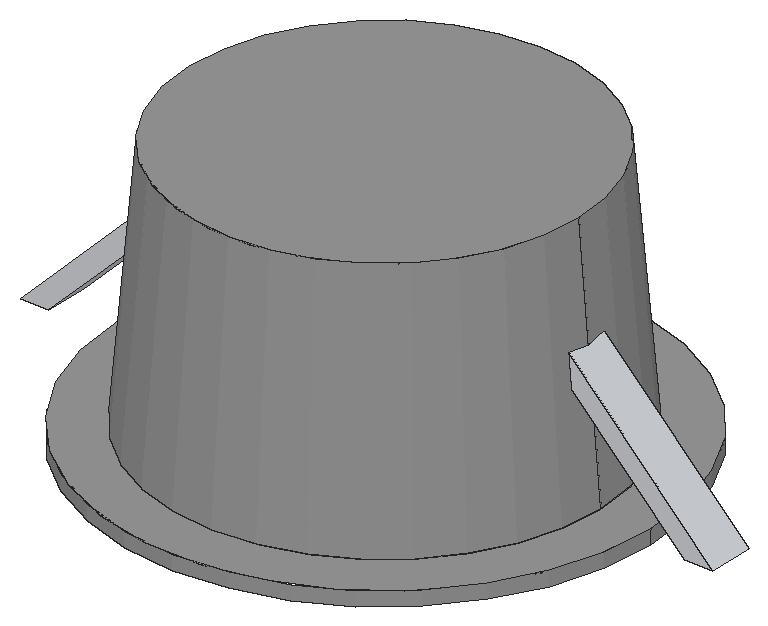
Revit family "MAGELLAN-DOWN_LIGHT_LED_19W_O185+connect_19_3000K", category Lighting Fixtures, host Ceiling, Revit 2021
Family settings
  Host = Ceiling
  Round Connector Dimension = Use Diameter
  Part Type = Normal
  OmniClass Number = 23.80.70.11
  OmniClass Title = Luminaries for Internal Lighting
  Always vertical = Yes
  Cut with Voids When Loaded = No
  Light Source = Yes
  Shared = No
  Room Calculation Point = No
Parameters (values of type "Type 1")
  Wattage = 12.791 W
  built-in parameter 1150110 = 1 (stored number, unit not read)
  URL = "https://www.lucera.fr/"
  built-in parameter 1114217 = 1 (stored number, unit not read)
  Tilt Angle = 90.00°
  built-in parameter 1150109 = 1 (stored number, unit not read)
  built-in parameter 1150134 = (empty or 0)
  built-in parameter 1150113 = 1 (stored number, unit not read)
  SDCM = "3"
  Puissance nominale = "19W"
  Photometric Web File = "google_eulumdat_converter.ies"
  Matériau = "Aluminium + PC réflecteur finition chrome"
  Manufacturer = "Lucera - Lucera (c) 06/01/2021 16:39:58 +01:00"  # constant formula
  Maintien du flux = "L80B10 (50 000 heures)"
  Lumens = 1900 lm
  built-in parameter 1150115 = 1 (stored number, unit not read)
  built-in parameter 1150105 = 151.2 (stored number, unit not read)
  built-in parameter 1150137 = (empty or 0)
  built-in parameter 1150139 = (empty or 0)
  built-in parameter 1150112 = 1 (stored number, unit not read)
  built-in parameter 1150114 = 1 (stored number, unit not read)
  Lamp = "LED Hongli 2835"
  built-in parameter 1150132 = 2
  built-in parameter 1150102 = (empty or 0)
  built-in parameter 1150138 = (empty or 0)
  built-in parameter 1150107 = 3000 (stored number, unit not read)
  built-in parameter 1150106 = 1.512 (stored number, unit not read)
  IRC = ">90"
  built-in parameter 1150104 = 13.8 (stored number, unit not read)
  Durée de vie = "50 000 heures"
  Driver = "Driver Lifud TUV CE RCM CCC"
  Dimming Lamp Color Temperature Shift = <None>
  Dimensions = "Ø 185 mm, H = 93 mm"
  Dimension découpe = "Ø 165 mm"
  Default Elevation = 0 mm
  Couleur = "Blanc"
  Color Filter = 16777215
  built-in parameter 1114218 = 1 (stored number, unit not read)
  built-in parameter 1150133 = 10 (stored number, unit not read)
  Angle d'éclairage = "80°"
  Alimentation luminaire = "25-40V dc / 450mA"
  Alimentation Driver = "AC 220-240V"
Reference planes
  plane 1 "Light Source Axis (F/B)": y = 0
  plane 2: z = 0
  plane 3 "Light Source Axis (L/R)": x = 0
  plane 4 "Ceiling": z = 4000
  plane 5 "Light Source Elevation": z = 3988.263
Forms (mm)
  Extrusion 1, solid, material "Aluminum"
    sketch origin (0, 0, 4000) x (0, 1, 0) y (-1, 0, 0)
      loop
        circle (0, 0) r 92.5
      loop
        circle (0, 0) r 75
    from -5 to 0
  Blend 2, solid, material "Aluminum, gris"
    base sketch origin (0, 0, 4000) x (0, 1, 0) y (-1, 0, 0)
      loop
        circle (0, 0.29) r 75.205
    top sketch origin (0, 0, 4000) x (0, 1, 0) y (-1, 0, 0)
      loop
        circle (0, 0.29) r 67.632
    from 0 to 88
  Extrusion 3, solid, material "Glass, White, High Luminance"
    sketch origin (0, 0, 4000) x (0, 1, 0) y (-1, 0, 0)
      loop
        circle (0, 0) r 74.999
    from -5 to 0
  Extrusion 4, solid
    sketch origin (0, 0, 0) x (1, 0, 0) y (0, 0, 1)
      loop
        line (70, 4040.314) -> (110.314, 4000) -> (120.314, 4000) -> (70, 4050.314) -> (70, 4040.314)
    from -7.541 to 7.745
  Extrusion 5, solid
    sketch origin (-0.58, 0, 0) x (-1, 0, 0) y (0, 0, -1)
      loop
        line (70, -4040.314) -> (70, -4050.314) -> (120.314, -4000) -> (110.314, -4000) -> (70, -4040.314)
    from -7.541 to 7.745
Lines and regions (mm)
  reference lines
    curve 1: line (0, 0, 4000) -> (65, 0, 4000)
    curve 2: line (0, 0, 3995) -> (0, 0, 4063)
    curve 3: line (0, 0, 4000) -> (92.5, 0, 4000)
    curve 4: line (0, 0, 3995) -> (0, 0, 4088)
Dimensions and locks
  equal spacing: host sketch curve, plane 3 "Light Source Axis (L/R)", host sketch curve
  equal spacing: host sketch curve, plane 1 "Light Source Axis (F/B)", host sketch curve
  host sketch curve to host sketch curve = 4000 mm  (x2)
  plane 4 "Ceiling" to host ceiling = 0 mm
  aligned and locked: plane 1 "Light Source Axis (F/B)" to imposter light
  aligned and locked: plane 5 "Light Source Elevation" to imposter light
